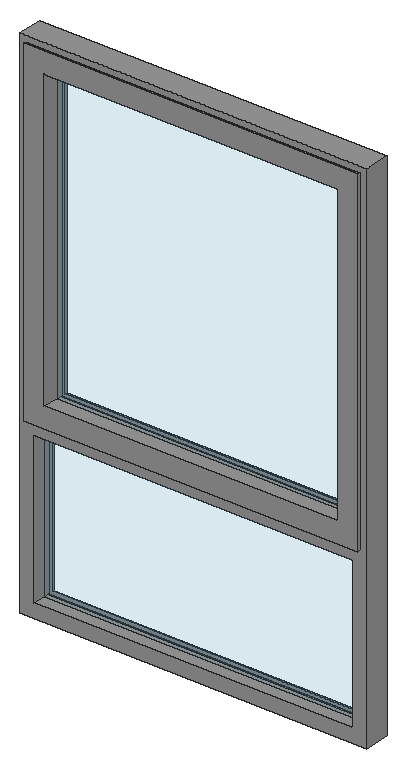
Revit family "Kawneer_Window_GT70s_Pos002", category Windows, host Wall, Revit 2020 (continued)
Definition of nested family "Kawneer_GT70s_Pos002"
  Definition of nested family "Kawneer_GT70s_Jamb2"
    Lines and regions (mm)
      model lines, in view "Ref. Level", detail levels fine
        curve 290: arc (-45.327, -23.558, 0) -> (-45.588, -23.666, 0) -> (-45.48, -23.928, 0) r 0.2
        curve 291: arc (-44.713, -22.077, 0) -> (-44.732, -21.889, 0) -> (-44.898, -21.8, 0) r 0.2
        curve 292: arc (-48.5, -21.8, 0) -> (-48.641, -21.859, 0) -> (-48.7, -22, 0) r 0.2
        curve 293: arc (-47.884, -24.3, 0) -> (-47.684, -24.085, 0) -> (-47.914, -23.902, 0) r 0.2
        curve 294: arc (-49.452, -24.054, 0) -> (-48.869, -24.238, 0) -> (-48.261, -24.3, 0) r 3
        curve 295: arc (-49.452, -24.054, 0) -> (-49.65, -24.013, 0) -> (-49.848, -24.054, 0) r 0.5
        curve 296: arc (-51.379, -23.903, 0) -> (-51.615, -24.081, 0) -> (-51.416, -24.3, 0) r 0.2
        curve 297: arc (-50.6, -22, 0) -> (-50.659, -21.859, 0) -> (-50.8, -21.8, 0) r 0.2
        curve 298: arc (-54.446, -21.805, 0) -> (-54.579, -21.908, 0) -> (-54.587, -22.077, 0) r 0.2
        curve 299: arc (-53.82, -23.928, 0) -> (-53.712, -23.666, 0) -> (-53.973, -23.558, 0) r 0.2
        curve 300: arc (-56, -24.667, 0) -> (-55.85, -24.927, 0) -> (-55.55, -24.927, 0) r 0.3
        curve 301: arc (-56, -10.5, 0) -> (-56.146, -10.146, 0) -> (-56.5, -10, 0) r 0.5
        curve 302: arc (-60.8, -9, 0) -> (-60.507, -9.707, 0) -> (-59.8, -10, 0) r 1
        curve 303: arc (-59.788, -6.22, 0) -> (-60.526, -6.884, 0) -> (-60.8, -7.839, 0) r 1.8
        curve 304: arc (-59.5, -6.4, 0) -> (-59.594, -6.23, 0) -> (-59.788, -6.22, 0) r 0.2
        curve 305: arc (-59.5, -7.8, 0) -> (-59.354, -8.154, 0) -> (-59, -8.3, 0) r 0.5
        curve 306: arc (-56.5, -8.3, 0) -> (-56.146, -8.154, 0) -> (-56, -7.8, 0) r 0.5
        curve 307: arc (-56, 5.7, 0) -> (-56.146, 6.054, 0) -> (-56.5, 6.2, 0) r 0.5
        curve 308: arc (-59, 6.2, 0) -> (-59.354, 6.054, 0) -> (-59.5, 5.7, 0) r 0.5
        curve 309: arc (-59.778, 3.816, 0) -> (-59.589, 3.833, 0) -> (-59.5, 4, 0) r 0.2
        curve 310: arc (-61, 5.658, 0) -> (-60.655, 4.536, 0) -> (-59.739, 3.8, 0) r 2
        curve 311: arc (-60, 8, 0) -> (-60.707, 7.707, 0) -> (-61, 7, 0) r 1
        curve 312: arc (-54.5, -65.451, 0) -> (-54.315, -65.729, 0) -> (-53.988, -65.664, 0) r 0.3
        curve 313: arc (-52.5, -64.9, 0) -> (-52.685, -64.623, 0) -> (-53.012, -64.688, 0) r 0.3
        curve 314: arc (-52.5, -65.6, 0) -> (-52.441, -65.741, 0) -> (-52.3, -65.8, 0) r 0.2
        curve 315: arc (-47.3, -65.8, 0) -> (-47.159, -65.741, 0) -> (-47.1, -65.6, 0) r 0.2
        curve 316: arc (-47.1, -58.6, 0) -> (-47.159, -58.459, 0) -> (-47.3, -58.4, 0) r 0.2
        curve 317: arc (-52.3, -58.4, 0) -> (-52.441, -58.459, 0) -> (-52.5, -58.6, 0) r 0.2
        curve 318: arc (-53.012, -59.512, 0) -> (-52.685, -59.577, 0) -> (-52.5, -59.3, 0) r 0.3
        curve 319: arc (-53.988, -58.536, 0) -> (-54.315, -58.471, 0) -> (-54.5, -58.749, 0) r 0.3
        curve 320: arc (-76, -71.5, 0) -> (-75.854, -71.854, 0) -> (-75.5, -72, 0) r 0.5
        curve 321: arc (-75.5, -68, 0) -> (-75.854, -68.146, 0) -> (-76, -68.5, 0) r 0.5
        curve 322: arc (-73.5, -68.5, 0) -> (-73.646, -68.146, 0) -> (-74, -68, 0) r 0.5
        curve 323: arc (-73.7, -69, 0) -> (-73.559, -68.941, 0) -> (-73.5, -68.8, 0) r 0.2
        curve 324: arc (-74.3, -69, 0) -> (-74.654, -69.146, 0) -> (-74.8, -69.5, 0) r 0.5
        curve 325: arc (-74.8, -70.1, 0) -> (-74.654, -70.454, 0) -> (-74.3, -70.6, 0) r 0.5
        curve 326: arc (-69.7, -70.6, 0) -> (-69.346, -70.454, 0) -> (-69.2, -70.1, 0) r 0.5
        curve 327: arc (-69.2, -69.5, 0) -> (-69.346, -69.146, 0) -> (-69.7, -69, 0) r 0.5
        curve 328: arc (-70.5, -68.8, 0) -> (-70.441, -68.941, 0) -> (-70.3, -69, 0) r 0.2
        curve 329: arc (-70, -68, 0) -> (-70.354, -68.146, 0) -> (-70.5, -68.5, 0) r 0.5
        curve 330: arc (-66.9, -68.8, 0) -> (-66.5, -68.4, 0) -> (-66.9, -68, 0) r 0.4
        curve 331: arc (-67.8, -68.8, 0) -> (-67.941, -68.859, 0) -> (-68, -69, 0) r 0.2
        curve 332: arc (-68, -69.9, 0) -> (-67.854, -70.254, 0) -> (-67.5, -70.4, 0) r 0.5
        curve 333: arc (-56.489, -70.211, 0) -> (-56.143, -70.061, 0) -> (-56, -69.711, 0) r 0.5
        curve 334: arc (-55.55, -53.673, 0) -> (-55.85, -53.673, 0) -> (-56, -53.933, 0) r 0.3
        curve 335: arc (-53.973, -55.042, 0) -> (-53.712, -54.934, 0) -> (-53.82, -54.672, 0) r 0.2
        curve 336: arc (-54.587, -56.523, 0) -> (-54.568, -56.711, 0) -> (-54.402, -56.8, 0) r 0.2
        curve 337: arc (-50.8, -56.8, 0) -> (-50.659, -56.741, 0) -> (-50.6, -56.6, 0) r 0.2
        curve 338: arc (-51.416, -54.3, 0) -> (-51.615, -54.516, 0) -> (-51.384, -54.697, 0) r 0.2
        curve 339: arc (-49.848, -54.546, 0) -> (-50.431, -54.362, 0) -> (-51.039, -54.3, 0) r 3
        curve 340: arc (-49.848, -54.546, 0) -> (-49.65, -54.587, 0) -> (-49.452, -54.546, 0) r 0.5
        curve 341: arc (-48.261, -54.3, 0) -> (-48.869, -54.362, 0) -> (-49.452, -54.546, 0) r 3
        curve 342: arc (-47.914, -54.698, 0) -> (-47.684, -54.515, 0) -> (-47.884, -54.3, 0) r 0.2
        curve 343: arc (-48.7, -56.6, 0) -> (-48.641, -56.741, 0) -> (-48.5, -56.8, 0) r 0.2
        curve 344: arc (-44.898, -56.8, 0) -> (-44.732, -56.711, 0) -> (-44.713, -56.523, 0) r 0.2
        curve 345: arc (-45.48, -54.672, 0) -> (-45.588, -54.934, 0) -> (-45.327, -55.042, 0) r 0.2
        curve 346: arc (-43.3, -53.933, 0) -> (-43.45, -53.673, 0) -> (-43.75, -53.673, 0) r 0.3
        curve 347: arc (-43.3, -57.231, 0) -> (-43.253, -57.36, 0) -> (-43.133, -57.428, 0) r 0.2
        curve 348: arc (-42.1, -57.769, 0) -> (-42.147, -57.64, 0) -> (-42.267, -57.572, 0) r 0.2
        curve 349: arc (-42.3, -58.6, 0) -> (-42.159, -58.541, 0) -> (-42.1, -58.4, 0) r 0.2
        curve 350: arc (-45.1, -58.6, 0) -> (-45.454, -58.746, 0) -> (-45.6, -59.1, 0) r 0.5
        curve 351: arc (-45.6, -65.3, 0) -> (-45.454, -65.654, 0) -> (-45.1, -65.8, 0) r 0.5
        curve 352: arc (-43.2, -66.3, 0) -> (-43.346, -65.946, 0) -> (-43.7, -65.8, 0) r 0.5
        curve 353: arc (-43.7, -67.3, 0) -> (-43.346, -67.154, 0) -> (-43.2, -66.8, 0) r 0.5
        curve 354: arc (-52.5, -67.3, 0) -> (-53.561, -67.739, 0) -> (-54, -68.8, 0) r 1.5
        curve 355: arc (-54, -70.1, 0) -> (-53.87, -70.436, 0) -> (-53.549, -70.598, 0) r 0.5
        curve 356: arc (-51, -71.3, 0) -> (-51.13, -70.964, 0) -> (-51.451, -70.802, 0) r 0.5
        curve 357: arc (-51.5, -72, 0) -> (-51.146, -71.854, 0) -> (-51, -71.5, 0) r 0.5
        curve 358: arc (-43.611, -46.36, 0) -> (-43.124, -46.685, 0) -> (-42.55, -46.799, 0) r 1.5
        curve 359: arc (-38.85, -46.799, 0) -> (-37.789, -46.36, 0) -> (-37.35, -45.299, 0) r 1.5
        curve 360: arc (-37.35, -38.899, 0) -> (-37.643, -38.192, 0) -> (-38.35, -37.899, 0) r 1
        curve 361: arc (-41.92, -37.899, 0) -> (-42.374, -38.008, 0) -> (-42.729, -38.311, 0) r 1
        curve 362: arc (-43.859, -39.866, 0) -> (-44.001, -40.145, 0) -> (-44.05, -40.454, 0) r 1
        curve 363: arc (-44.05, -45.299, 0) -> (-43.936, -45.873, 0) -> (-43.611, -46.36, 0) r 1.5
        curve 364: arc (-43.033, -36.906, 0) -> (-42.708, -37.123, 0) -> (-42.326, -37.199, 0) r 1
        curve 365: arc (-38.35, -37.199, 0) -> (-37.643, -36.906, 0) -> (-37.35, -36.199, 0) r 1
        curve 366: arc (-37.35, -29.799, 0) -> (-37.789, -28.738, 0) -> (-38.85, -28.299, 0) r 1.5
        curve 367: arc (-42.55, -28.299, 0) -> (-43.611, -28.738, 0) -> (-44.05, -29.799, 0) r 1.5
        curve 368: arc (-44.05, -35.475, 0) -> (-43.974, -35.857, 0) -> (-43.757, -36.182, 0) r 1
        curve 369: arc (-42.35, -47.799, 0) -> (-43.057, -48.092, 0) -> (-43.35, -48.799, 0) r 1
        curve 370: arc (-43.85, -52.736, 0) -> (-43.484, -52.37, 0) -> (-43.35, -51.87, 0) r 1
        curve 371: arc (-44.655, -53.201, 0) -> (-45.186, -53.72, 0) -> (-45.403, -54.429, 0) r 1.5
        curve 372: arc (-45.1, -56.8, 0) -> (-44.959, -56.741, 0) -> (-44.9, -56.6, 0) r 0.2
        curve 373: arc (-46.18, -56.35, 0) -> (-46.18, -56.65, 0) -> (-45.921, -56.8, 0) r 0.3
        curve 374: arc (-46.18, -56.35, 0) -> (-46.7, -55.448, 0) -> (-47.22, -56.35, 0) r 0.601
        curve 375: arc (-47.479, -56.8, 0) -> (-47.22, -56.65, 0) -> (-47.22, -56.35, 0) r 0.3
        curve 376: arc (-48.7, -56.6, 0) -> (-48.641, -56.741, 0) -> (-48.5, -56.8, 0) r 0.2
        curve 377: arc (-47.848, -54.574, 0) -> (-47.798, -54.456, 0) -> (-47.781, -54.329, 0) r 0.5
        curve 378: arc (-47.08, -51.936, 0) -> (-47.6, -52.838, 0) -> (-47.781, -53.863, 0) r 2.996
        curve 379: arc (-45.752, -50.353, 0) -> (-45.231, -49.451, 0) -> (-45.05, -48.425, 0) r 3
        curve 380: arc (-45.05, -41.499, 0) -> (-45.196, -41.145, 0) -> (-45.55, -40.999, 0) r 0.5
        curve 381: arc (-53.35, -39.799, 0) -> (-53.95, -40.399, 0) -> (-53.35, -40.999, 0) r 0.6
        curve 382: arc (-45.301, -39.799, 0) -> (-45.074, -39.744, 0) -> (-44.897, -39.593, 0) r 0.5
        curve 383: arc (-44.179, -38.605, 0) -> (-43.976, -37.65, 0) -> (-44.551, -36.86, 0) r 1.2
        curve 384: arc (-45.05, -35.993, 0) -> (-44.917, -36.493, 0) -> (-44.551, -36.86, 0) r 1
        curve 385: arc (-45.05, -30.172, 0) -> (-45.232, -29.147, 0) -> (-45.752, -28.247, 0) r 3
        curve 386: arc (-47.781, -24.737, 0) -> (-47.6, -25.762, 0) -> (-47.08, -26.664, 0) r 2.996
        curve 387: arc (-47.781, -24.271, 0) -> (-47.798, -24.144, 0) -> (-47.848, -24.026, 0) r 0.5
        curve 388: arc (-48.5, -21.8, 0) -> (-48.641, -21.859, 0) -> (-48.7, -22, 0) r 0.2
        curve 389: arc (-47.22, -22.25, 0) -> (-47.22, -21.95, 0) -> (-47.479, -21.8, 0) r 0.3
        curve 390: arc (-47.22, -22.25, 0) -> (-46.7, -23.173, 0) -> (-46.18, -22.25, 0) r 0.608
        curve 391: arc (-45.921, -21.8, 0) -> (-46.18, -21.95, 0) -> (-46.18, -22.25, 0) r 0.3
        curve 392: arc (-44.9, -22, 0) -> (-44.959, -21.859, 0) -> (-45.1, -21.8, 0) r 0.2
        curve 393: arc (-45.403, -24.171, 0) -> (-45.186, -24.88, 0) -> (-44.655, -25.399, 0) r 1.5
        curve 394: arc (-43.355, -26.626, 0) -> (-43.511, -26.186, 0) -> (-43.85, -25.864, 0) r 1
        curve 395: arc (-43.355, -26.626, 0) -> (-43.112, -27.106, 0) -> (-42.609, -27.299, 0) r 0.75
        curve 396: arc (-36.35, -28.799, 0) -> (-36.789, -27.738, 0) -> (-37.85, -27.299, 0) r 1.5
        curve 397: arc (-36.85, -47.799, 0) -> (-36.496, -47.652, 0) -> (-36.35, -47.299, 0) r 0.5
        curve 398: arc (-22.607, -48.184, 0) -> (-22.798, -48.222, 0) -> (-22.961, -48.33, 0) r 0.5
        curve 399: arc (-21.327, -48.784, 0) -> (-21.43, -48.367, 0) -> (-21.817, -48.184, 0) r 0.5
        curve 400: arc (-22.307, -49.584, 0) -> (-21.675, -49.358, 0) -> (-21.327, -48.784, 0) r 1
        curve 401: arc (-23.107, -49.084, 0) -> (-22.961, -49.437, 0) -> (-22.607, -49.584, 0) r 0.5
        curve 402: arc (-22.961, -48.33, 0) -> (-23.069, -48.492, 0) -> (-23.107, -48.684, 0) r 0.5
        curve 403: arc (-22.607, -50.246, 0) -> (-22.961, -50.393, 0) -> (-23.107, -50.746, 0) r 0.5
        curve 404: arc (-21.807, -50.746, 0) -> (-21.953, -50.393, 0) -> (-22.307, -50.246, 0) r 0.5
        curve 405: arc (-22.307, -51.646, 0) -> (-21.953, -51.5, 0) -> (-21.807, -51.146, 0) r 0.5
        curve 406: arc (-23.107, -51.146, 0) -> (-22.961, -51.5, 0) -> (-22.607, -51.646, 0) r 0.5
        curve 407: arc (-23.588, -46.92, 0) -> (-23.041, -47.603, 0) -> (-22.254, -47.219, 0) r 0.7
        curve 408: arc (-23.588, -45.761, 0) -> (-23.665, -45.602, 0) -> (-23.838, -45.567, 0) r 0.2
        curve 409: arc (-23.838, -45.567, 0) -> (-24.375, -45.808, 0) -> (-24.806, -46.209, 0) r 1.8
        curve 410: arc (-24.806, -46.209, 0) -> (-25.085, -46.727, 0) -> (-25.181, -47.308, 0) r 1.8
        curve 411: arc (-27.644, -50.65, 0) -> (-26.086, -50.261, 0) -> (-25.316, -48.853, 0) r 2
        curve 412: arc (-37.578, -48.777, 0) -> (-37.813, -48.798, 0) -> (-37.63, -48.948, 0) r 0.127
        curve 413: arc (-33.754, -49.53, 0) -> (-33.245, -49.321, 0) -> (-33.236, -48.77, 0) r 0.5
        curve 414: arc (-33.236, -48.77, 0) -> (-34.142, -47.922, 0) -> (-35.344, -47.615, 0) r 2.5
        curve 415: arc (-38.373, -47.615, 0) -> (-39.333, -48.336, 0) -> (-38.908, -49.46, 0) r 1
        curve 416: arc (-38.667, -49.627, 0) -> (-34.284, -52.209, 0) -> (-29.573, -54.128, 0) r 35
        curve 417: arc (-23.899, -55.972, 0) -> (-23.72, -55.944, 0) -> (-23.638, -55.782, 0) r 0.2
        curve 418: arc (-22.239, -52.868, 0) -> (-22.961, -52.215, 0) -> (-23.638, -52.915, 0) r 0.7
        curve 419: arc (-19.288, -52.199, 0) -> (-19.178, -52.09, 0) -> (-19.138, -51.94, 0) r 0.3
        curve 420: arc (-19.138, -50.719, 0) -> (-19.54, -50.317, 0) -> (-19.943, -50.719, 0) r 0.403
        curve 421: arc (-20.593, -50.925, 0) -> (-20.268, -51.25, 0) -> (-19.943, -50.925, 0) r 0.325
        curve 422: arc (-20.265, -49.743, 0) -> (-20.503, -49.926, 0) -> (-20.593, -50.212, 0) r 0.5
        curve 423: arc (-20.265, -49.743, 0) -> (-19.551, -49.194, 0) -> (-19.281, -48.334, 0) r 1.5
        curve 424: arc (-19.281, -48.102, 0) -> (-19.319, -47.955, 0) -> (-19.425, -47.845, 0) r 0.3
        curve 425: arc (-21.202, 5.446, 0) -> (-21.266, 5.576, 0) -> (-21.401, 5.629, 0) r 0.2
        curve 426: arc (-22.074, 5.629, 0) -> (-22.209, 5.576, 0) -> (-22.273, 5.446, 0) r 0.2
        curve 427: arc (-22.387, 4.146, 0) -> (-22.335, 3.994, 0) -> (-22.188, 3.929, 0) r 0.2
        curve 428: arc (-21.288, 3.929, 0) -> (-21.14, 3.994, 0) -> (-21.088, 4.146, 0) r 0.2
        curve 429: arc (-19.261, 0.829, 0) -> (-18.715, 1.044, 0) -> (-18.463, 1.575, 0) r 0.8
        curve 430: arc (-18.463, 1.575, 0) -> (-18.445, 2.211, 0) -> (-18.476, 2.846, 0) r 8.2
        curve 431: arc (-18.476, 2.846, 0) -> (-18.54, 2.976, 0) -> (-18.675, 3.029, 0) r 0.2
        curve 432: arc (-22.868, 3.029, 0) -> (-22.966, 2.948, 0) -> (-22.906, 2.836, 0) r 0.1
        curve 433: arc (-22.906, 2.836, 0) -> (-21.612, 2.576, 0) -> (-20.315, 2.816, 0) r 3.48
        curve 434: arc (-19.149, 1.746, 0) -> (-19.385, 2.66, 0) -> (-20.315, 2.816, 0) r 0.866
        curve 435: arc (-19.826, 1.012, 0) -> (-19.409, 1.307, 0) -> (-19.149, 1.746, 0) r 1.222
        curve 436: arc (-23.097, 1.625, 0) -> (-23.58, 1.934, 0) -> (-23.888, 1.451, 0) r 0.405
        curve 437: arc (-23.097, 1.625, 0) -> (-22.78, 1.086, 0) -> (-22.206, 0.838, 0) r 1.009
        curve 438: arc (-22.206, 0.838, 0) -> (-21.941, 0.828, 0) -> (-21.678, 0.85, 0) r 2.275
        curve 439: arc (-21.678, 0.85, 0) -> (-21.419, 0.902, 0) -> (-21.167, 0.983, 0) r 2.275
        curve 440: arc (-21.167, 0.983, 0) -> (-20.479, 1.354, 0) -> (-19.899, 1.88, 0) r 3.222
        curve 441: arc (-19.899, 1.88, 0) -> (-19.892, 2.039, 0) -> (-20.045, 2.086, 0) r 0.13
        curve 442: arc (-25.03, 3.553, 0) -> (-22.787, 1.971, 0) -> (-20.045, 2.086, 0) r 4.258
        curve 443: arc (-24.788, 4.029, 0) -> (-25.055, 3.865, 0) -> (-25.03, 3.553, 0) r 0.3
        curve 444: arc (-23.388, 4.029, 0) -> (-23.246, 4.087, 0) -> (-23.188, 4.229, 0) r 0.2
        curve 445: arc (-23.688, 5.776, 0) -> (-23.784, 5.568, 0) -> (-23.622, 5.406, 0) r 0.2
        curve 446: arc (-19.853, 5.406, 0) -> (-19.691, 5.568, 0) -> (-19.788, 5.776, 0) r 0.2
        curve 447: arc (-20.288, 4.229, 0) -> (-20.229, 4.087, 0) -> (-20.088, 4.029, 0) r 0.2
        curve 448: arc (-17.792, 3.783, 0) -> (-17.895, 3.959, 0) -> (-18.088, 4.029, 0) r 0.3
        curve 449: arc (-17.665, 1.514, 0) -> (-17.658, 2.652, 0) -> (-17.792, 3.783, 0) r 9.161
        curve 450: arc (-19.261, 0.023, 0) -> (-18.169, 0.454, 0) -> (-17.665, 1.514, 0) r 1.6
        curve 451: arc (-23.888, 1.451, 0) -> (-23.259, 0.431, 0) -> (-22.131, 0.023, 0) r 1.819
        curve 452: arc (-34.398, -68.129, 0) -> (-34.45, -67.977, 0) -> (-34.598, -67.912, 0) r 0.2
        curve 453: arc (-35.398, -67.912, 0) -> (-35.545, -67.977, 0) -> (-35.597, -68.129, 0) r 0.2
        curve 454: arc (-35.483, -69.429, 0) -> (-35.419, -69.559, 0) -> (-35.284, -69.612, 0) r 0.2
        curve 455: arc (-36.514, -69.143, 0) -> (-36.837, -69.482, 0) -> (-36.684, -69.924, 0) r 0.45
        curve 456: arc (-36.398, -68.312, 0) -> (-36.485, -68.1, 0) -> (-36.698, -68.012, 0) r 0.3
        curve 457: arc (-39.097, -68.012, 0) -> (-39.317, -68.108, 0) -> (-39.396, -68.336, 0) r 0.3
        curve 458: arc (-40.777, -71.102, 0) -> (-40.224, -71.764, 0) -> (-39.397, -72.012, 0) r 1.5
        curve 459: arc (-40.777, -71.102, 0) -> (-41.565, -70.02, 0) -> (-42.745, -69.388, 0) r 3
        curve 460: arc (-46.451, -67.348, 0) -> (-46.988, -67.757, 0) -> (-46.628, -68.329, 0) r 0.5
        curve 461: arc (-41.433, -67.81, 0) -> (-41.069, -67.698, 0) -> (-40.89, -67.362, 0) r 0.5
        curve 462: arc (-39.397, -66.012, 0) -> (-40.404, -66.399, 0) -> (-40.89, -67.362, 0) r 1.5
        curve 463: arc (-30.898, -67.512, 0) -> (-31.337, -66.451, 0) -> (-32.398, -66.012, 0) r 1.5
        curve 464: arc (-33.298, -68.012, 0) -> (-33.51, -68.1, 0) -> (-33.598, -68.312, 0) r 0.3
        curve 465: arc (-75.5, 8, 0) -> (-75.854, 7.854, 0) -> (-76, 7.5, 0) r 0.5
        curve 466: arc (-76, -31.4, 0) -> (-75.854, -31.754, 0) -> (-75.5, -31.9, 0) r 0.5
        curve 467: arc (-74.2, -31.9, 0) -> (-73.846, -31.754, 0) -> (-73.7, -31.4, 0) r 0.5
        curve 468: arc (-73.7, -30.9, 0) -> (-73.846, -30.546, 0) -> (-74.2, -30.4, 0) r 0.5
        curve 469: arc (-74.8, -29.9, 0) -> (-74.654, -30.254, 0) -> (-74.3, -30.4, 0) r 0.5
        curve 470: arc (-74.3, -6.2, 0) -> (-74.654, -6.346, 0) -> (-74.8, -6.7, 0) r 0.5
        curve 471: arc (-58.709, -6.541, 0) -> (-58.665, -6.323, 0) -> (-58.85, -6.2, 0) r 0.2
        curve 472: arc (-59.45, -7.6, 0) -> (-59.391, -7.741, 0) -> (-59.25, -7.8, 0) r 0.2
        curve 473: arc (-58.784, -7.8, 0) -> (-58.655, -7.783, 0) -> (-58.534, -7.733, 0) r 0.5
        curve 474: arc (-56.903, -6.792, 0) -> (-56.481, -5.772, 0) -> (-57.356, -5.1, 0) r 0.906
        curve 475: arc (-74.744, -4.082, 0) -> (-74.458, -4.801, 0) -> (-73.744, -5.1, 0) r 1
        curve 476: arc (-73.078, 6.5, 0) -> (-74.11, 6.089, 0) -> (-74.576, 5.08, 0) r 1.5
        curve 477: arc (-64.5, 6.25, 0) -> (-64.683, 6.433, 0) -> (-64.933, 6.5, 0) r 0.5
        curve 478: arc (-62.97, 3.6, 0) -> (-62.238, 2.868, 0) -> (-61.238, 2.6, 0) r 2
        curve 479: arc (-58.559, 2.6, 0) -> (-58.097, 2.909, 0) -> (-58.205, 3.454, 0) r 0.5
        curve 480: arc (-58.764, 4.012, 0) -> (-58.976, 4.1, 0) -> (-59.188, 4.012, 0) r 0.3
        curve 481: arc (-59.566, 3.8, 0) -> (-59.413, 3.83, 0) -> (-59.283, 3.917, 0) r 0.4
        curve 482: arc (-61.989, 4.3, 0) -> (-61.623, 3.934, 0) -> (-61.123, 3.8, 0) r 1
        curve 483: arc (-62.566, 6.8, 0) -> (-62.999, 6.55, 0) -> (-62.999, 6.05, 0) r 0.5
        curve 484: arc (-61.4, 6.8, 0) -> (-61.259, 6.859, 0) -> (-61.2, 7, 0) r 0.2
        curve 485: arc (-61.2, 7.5, 0) -> (-61.346, 7.854, 0) -> (-61.7, 8, 0) r 0.5
        curve 486: arc (-73.594, -69.1, 0) -> (-73.441, -69.029, 0) -> (-73.397, -68.865, 0) r 0.2
        curve 487: arc (-73.75, -69.1, 0) -> (-73.928, -69.208, 0) -> (-73.914, -69.415, 0) r 0.2
        curve 488: arc (-73.494, -70.015, 0) -> (-73.422, -70.077, 0) -> (-73.33, -70.1, 0) r 0.2
        curve 489: arc (-72.765, -70.1, 0) -> (-72.665, -70.073, 0) -> (-72.592, -70, 0) r 0.2
        curve 490: arc (-71.827, -69.274, 0) -> (-72, -69.174, 0) -> (-72.173, -69.274, 0) r 0.2
        curve 491: arc (-71.408, -70, 0) -> (-71.335, -70.073, 0) -> (-71.235, -70.1, 0) r 0.2
        curve 492: arc (-70.67, -70.1, 0) -> (-70.578, -70.077, 0) -> (-70.506, -70.015, 0) r 0.2
        curve 493: arc (-70.086, -69.415, 0) -> (-70.073, -69.207, 0) -> (-70.25, -69.1, 0) r 0.2
        curve 494: arc (-70.603, -68.865, 0) -> (-70.559, -69.029, 0) -> (-70.406, -69.1, 0) r 0.2
        curve 495: arc (-68.41, -68, 0) -> (-68.275, -67.947, 0) -> (-68.211, -67.817, 0) r 0.2
        curve 496: arc (-67.835, -65.217, 0) -> (-67.886, -65.065, 0) -> (-68.034, -65, 0) r 0.2
        curve 497: arc (-69.747, -65, 0) -> (-69.868, -65.041, 0) -> (-69.94, -65.148, 0) r 0.2
        curve 498: arc (-70.295, -65.9, 0) -> (-70.173, -65.859, 0) -> (-70.101, -65.752, 0) r 0.2
        curve 499: arc (-73.899, -65.752, 0) -> (-73.827, -65.858, 0) -> (-73.706, -65.9, 0) r 0.2
        curve 500: arc (-74.06, -65.148, 0) -> (-74.132, -65.041, 0) -> (-74.253, -65, 0) r 0.2
        curve 501: arc (-75.966, -65, 0) -> (-76.114, -65.065, 0) -> (-76.165, -65.217, 0) r 0.2
        curve 502: arc (-75.789, -67.817, 0) -> (-75.725, -67.947, 0) -> (-75.59, -68, 0) r 0.2
        curve 503: line (-45.478, -41.299, 0) -> (-53.35, -41.299, 0)
        curve 504: line (-53.35, -39.499, 0) -> (-45.478, -39.499, 0)
        curve 505: line (-53.416, -37.3, 0) -> (-45.75, -37.3, 0)
        curve 506: line (-45.75, -39.1, 0) -> (-53.416, -39.1, 0)
        curve 507: line (-56.498, -51.169, 0) -> (-60.498, -51.169, 0)
        curve 508: line (-60.498, -51.169, 0) -> (-64.498, -51.169, 0)
        curve 509: line (-64.498, -51.169, 0) -> (-64.498, -49.169, 0)
        curve 510: line (-64.498, -49.169, 0) -> (-60.498, -49.169, 0)
        curve 511: line (-60.498, -49.169, 0) -> (-56.498, -49.169, 0)
        curve 512: line (-56, -67.669, 0) -> (-64.498, -67.669, 0)
        curve 513: line (-64.498, -67.669, 0) -> (-64.498, -62.669, 0)
        curve 514: line (-64.498, -62.669, 0) -> (-60.498, -62.669, 0)
        curve 515: line (-60.498, -62.669, 0) -> (-56.498, -62.669, 0)
        curve 516: line (-55.998, -63.169, 0) -> (-55.998, -69.723, 0)
        curve 517: line (-55.998, -69.723, 0) -> (-59.998, -69.723, 0)
        curve 518: line (-59.998, -69.723, 0) -> (-59.998, -67.669, 0)
        curve 519: line (-60.998, -51.669, 0) -> (-60.998, -62.169, 0)
        curve 520: line (-55.998, -49.669, 0) -> (-55.998, -50.669, 0)
        curve 521: line (-63.498, -62.669, 0) -> (-63.498, -51.169, 0)
        curve 522: line (-63.498, -49.169, 0) -> (-63.498, -14.169, 0)
        curve 523: line (-60.998, -48.669, 0) -> (-60.998, -14.669, 0)
        curve 524: line (-58.998, -12.169, 0) -> (-64.498, -12.169, 0)
        curve 525: line (-64.498, -12.169, 0) -> (-64.498, -14.169, 0)
        curve 526: line (-64.498, -14.169, 0) -> (-60.498, -14.169, 0)
        curve 527: line (-60.498, -14.169, 0) -> (-56.498, -14.169, 0)
        curve 528: line (-58.498, -10.169, 0) -> (-58.498, -11.669, 0)
        curve 529: line (-55.998, -13.669, 0) -> (-55.998, -10.169, 0)
        curve 530: line (-56.498, -9.669, 0) -> (-57.998, -9.669, 0)
        curve 531: line (-64.498, -66.669, 0) -> (-66.998, -66.669, 0)
        curve 532: line (-66.998, -66.669, 0) -> (-63.498, -15.169, 0)
        curve 533: line (-63.498, -15.169, 0) -> (-66.998, -15.169, 0)
        curve 534: line (-66.998, -66.669, 0) -> (-66.998, -15.169, 0)
        curve 535: line (-66.998, -15.169, 0) -> (-64.178, -62.669, 0)
        curve 536: line (-73.861, -35.939, 0) -> (-73.658, -35.658, 0)
        curve 537: line (-71.391, -35.567, 0) -> (-70.751, -36.314, 0)
        curve 538: line (-70.751, -36.314, 0) -> (-68.986, -34.661, 0)
        curve 539: line (-69.288, -37.005, 0) -> (-67.5, -37.005, 0)
        curve 540: line (-77.083, -35.212, 0) -> (-75.332, -36.947, 0)
        curve 541: line (-75.332, -36.947, 0) -> (-70.758, -32.12, 0)
        curve 542: line (-70.758, -32.12, 0) -> (-72.663, -31.366, 0)
        curve 543: line (-72.918, -31.492, 0) -> (-72.973, -31.825, 0)
        curve 544: line (-73.17, -32.005, 0) -> (-75.332, -32.005, 0)
        curve 545: line (-76.127, -31.048, 0) -> (-76, -29.677, 0)
        curve 546: line (-76.027, -35.212, 0) -> (-77.785, -35.212, 0)
        curve 547: line (-79.375, -37.005, 0) -> (-75.846, -37.005, 0)
        curve 548: line (-8.5, -1.4, 0) -> (-12, -1.4, 0)
        curve 549: line (-12, -1.4, 0) -> (-15.5, -1.4, 0)
        curve 550: line (-15.9, -1.8, 0) -> (-17, -1.8, 0)
        curve 551: line (-17.2, -2, 0) -> (-17.2, -3.013, 0)
        curve 552: line (-17.6, -3.413, 0) -> (-17.6, -9.306, 0)
        curve 553: line (-17.6, -9.306, 0) -> (-17.6, -15.2, 0)
        curve 554: line (-17.2, -15.6, 0) -> (-17.2, -16.5, 0)
        curve 555: line (-17, -16.7, 0) -> (-16.273, -16.7, 0)
        curve 556: line (-15.927, -16.9, 0) -> (-12, -16.9, 0)
        curve 557: line (-12, -16.9, 0) -> (-8.073, -16.9, 0)
        curve 558: line (-7.727, -16.7, 0) -> (-7, -16.7, 0)
        curve 559: line (-6.8, -16.5, 0) -> (-6.8, -15.6, 0)
        curve 560: line (-6.4, -15.2, 0) -> (-6.4, -9.306, 0)
        curve 561: line (-6.4, -9.306, 0) -> (-6.4, -3.413, 0)
        curve 562: line (-6.8, -3.013, 0) -> (-6.8, -2, 0)
        curve 563: line (-7, -1.8, 0) -> (-8.1, -1.8, 0)
        curve 564: line (-23.5, 0, 0) -> (-0.5, 0, 0)
        curve 565: line (0, -0.5, 0) -> (0, -2.342, 0)
        curve 566: line (-1.5, -4, 0) -> (-1.5, -2.3, 0)
        curve 567: line (-2, -1.8, 0) -> (-4.5, -1.8, 0)
        curve 568: line (-5, -2.3, 0) -> (-5, -15.8, 0)
        curve 569: line (-4.5, -16.3, 0) -> (-2, -16.3, 0)
        curve 570: line (-1.5, -15.8, 0) -> (-1.5, -14.4, 0)
        curve 571: line (-0.2, -15.839, 0) -> (-0.2, -18.6, 0)
        curve 572: line (-1.5, -19.4, 0) -> (-1.5, -18.2, 0)
        curve 573: line (-1.7, -18, 0) -> (-4.3, -18, 0)
        curve 574: line (-5, -18.7, 0) -> (-5, -21.367, 0)
        curve 575: line (-7.027, -20.258, 0) -> (-6.413, -18.777, 0)
        curve 576: line (-6.598, -18.5, 0) -> (-10.2, -18.5, 0)
        curve 577: line (-10.2, -18.5, 0) -> (-9.179, -18.5, 0)
        curve 578: line (-10.4, -18.7, 0) -> (-10.4, -19.24, 0)
        curve 579: line (-10.4, -19.24, 0) -> (-9.614, -20.602, 0)
        curve 580: line (-9.614, -20.602, 0) -> (-10.4, -19.25, 0)
        curve 581: line (-10.4, -19.25, 0) -> (-10.4, -18.7, 0)
        curve 582: line (-9.481, -21.437, 0) -> (-9.584, -21, 0)
        curve 583: line (-9.584, -21, 0) -> (-9.961, -21, 0)
        curve 584: line (-14.039, -21, 0) -> (-14.416, -21, 0)
        curve 585: line (-14.416, -21, 0) -> (-14.519, -21.437, 0)
        curve 586: line (-14.386, -20.602, 0) -> (-13.6, -19.24, 0)
        curve 587: line (-13.6, -19.24, 0) -> (-13.6, -18.7, 0)
        curve 588: line (-13.6, -18.7, 0) -> (-13.6, -19.25, 0)
        curve 589: line (-13.6, -19.25, 0) -> (-14.452, -20.726, 0)
        curve 590: line (-14.821, -18.5, 0) -> (-13.8, -18.5, 0)
        curve 591: line (-13.8, -18.5, 0) -> (-17.402, -18.5, 0)
        curve 592: line (-17.587, -18.777, 0) -> (-16.973, -20.258, 0)
        curve 593: line (-17.4, -18.7, 0) -> (-17.4, -19.581, 0)
        curve 594: line (-17.4, -19.581, 0) -> (-16.82, -20.628, 0)
        curve 595: line (-16.82, -20.628, 0) -> (-17.921, -21.264, 0)
        curve 596: line (-17.921, -21.264, 0) -> (-18.55, -21.627, 0)
        curve 597: line (-19, -21.367, 0) -> (-19, -18.7, 0)
        curve 598: line (-19.7, -18, 0) -> (-22.3, -18, 0)
        curve 599: line (-22.5, -18.2, 0) -> (-22.5, -19.4, 0)
        curve 600: line (-23.8, -18.6, 0) -> (-23.8, -15.839, 0)
        curve 601: line (-22.5, -14.4, 0) -> (-22.5, -15.8, 0)
        curve 602: line (-22, -16.3, 0) -> (-19.5, -16.3, 0)
        curve 603: line (-19, -15.8, 0) -> (-19, -2.3, 0)
        curve 604: line (-19.5, -1.8, 0) -> (-22, -1.8, 0)
        curve 605: line (-22.5, -2.3, 0) -> (-22.5, -4, 0)
        curve 606: line (-24, -2.342, 0) -> (-24, -0.5, 0)
        curve 607: line (-6.95, -35.5, 0) -> (-15.25, -35.5, 0)
        curve 608: line (-15.25, -34.3, 0) -> (-6.964, -34.3, 0)
        curve 609: line (-7.395, -25.015, 0) -> (-8.779, -23.365, 0)
        curve 610: line (-7.621, -18.5, 0) -> (-6.8, -18.5, 0)
        curve 611: line (-6.6, -18.7, 0) -> (-6.6, -19.581, 0)
        curve 612: line (-6.6, -19.581, 0) -> (-7.081, -20.742, 0)
        curve 613: line (-7.081, -20.742, 0) -> (-6.079, -21.264, 0)
        curve 614: line (-6.079, -21.264, 0) -> (-5.45, -21.627, 0)
        curve 615: line (-6.355, -22.099, 0) -> (-5.55, -22.564, 0)
        curve 616: line (-5.05, -23.43, 0) -> (-5.05, -48.57, 0)
        curve 617: line (-5.55, -49.436, 0) -> (-6.355, -49.901, 0)
        curve 618: line (-5.45, -50.373, 0) -> (-6.079, -50.736, 0)
        curve 619: line (-6.079, -50.736, 0) -> (-7.081, -51.258, 0)
        curve 620: line (-7.081, -51.258, 0) -> (-6.6, -52.419, 0)
        curve 621: line (-6.6, -52.419, 0) -> (-6.6, -53.3, 0)
        curve 622: line (-6.8, -53.5, 0) -> (-7.621, -53.5, 0)
        curve 623: line (-9.179, -53.5, 0) -> (-10.2, -53.5, 0)
        curve 624: line (-10.2, -53.5, 0) -> (-6.598, -53.5, 0)
        curve 625: line (-10.4, -53.3, 0) -> (-10.4, -52.76, 0)
        curve 626: line (-10.4, -52.75, 0) -> (-9.548, -51.274, 0)
        curve 627: line (-9.548, -51.274, 0) -> (-10.4, -52.76, 0)
        curve 628: line (-10.4, -52.76, 0) -> (-10.4, -53.3, 0)
        curve 629: line (-9.961, -51, 0) -> (-9.481, -51.024, 0)
        curve 630: line (-9.481, -51.024, 0) -> (-9.481, -50.566, 0)
        curve 631: line (-8.78, -48.636, 0) -> (-7.395, -46.986, 0)
        curve 632: line (-17.05, -36.5, 0) -> (-8.15, -36.5, 0)
        curve 633: line (-8.15, -37.7, 0) -> (-17.036, -37.7, 0)
        curve 634: line (-16.605, -46.985, 0) -> (-15.221, -48.635, 0)
        curve 635: line (-14.519, -50.563, 0) -> (-14.519, -51.024, 0)
        curve 636: line (-14.519, -51.024, 0) -> (-14.039, -51, 0)
        curve 637: line (-14.452, -51.274, 0) -> (-13.6, -52.75, 0)
        curve 638: line (-13.6, -52.75, 0) -> (-13.6, -53.3, 0)
        curve 639: line (-13.6, -53.3, 0) -> (-13.6, -52.76, 0)
        curve 640: line (-13.6, -52.76, 0) -> (-14.386, -51.398, 0)
        curve 641: line (-17.402, -53.5, 0) -> (-13.8, -53.5, 0)
        curve 642: line (-13.8, -53.5, 0) -> (-14.821, -53.5, 0)
        curve 643: line (-16.379, -53.5, 0) -> (-17.2, -53.5, 0)
        curve 644: line (-17.645, -49.901, 0) -> (-18.45, -49.436, 0)
        curve 645: line (-18.95, -48.57, 0) -> (-18.95, -46.5, 0)
        curve 646: line (-19.45, -46, 0) -> (-22.15, -46, 0)
        curve 647: line (-22.45, -46.3, 0) -> (-22.45, -46.9, 0)
        curve 648: line (-23.588, -45.761, 0) -> (-23.45, -46.9, 0)
        curve 649: line (-23.45, -46.9, 0) -> (-23.45, -43.9, 0)
        curve 650: line (-22.45, -43.9, 0) -> (-22.45, -44.5, 0)
        curve 651: line (-22.15, -44.8, 0) -> (-19.45, -44.8, 0)
        curve 652: line (-18.95, -44.3, 0) -> (-18.95, -23.43, 0)
        curve 653: line (-18.45, -22.564, 0) -> (-17.645, -22.099, 0)
        curve 654: line (-17.2, -18.5, 0) -> (-16.379, -18.5, 0)
        curve 655: line (-15.22, -23.364, 0) -> (-16.605, -25.014, 0)
        curve 656: line (-15.5, -70.6, 0) -> (-8.5, -70.6, 0)
        curve 657: line (-8.1, -70.2, 0) -> (-7, -70.2, 0)
        curve 658: line (-6.8, -70, 0) -> (-6.8, -68.9, 0)
        curve 659: line (-6.4, -68.5, 0) -> (-6.4, -57, 0)
        curve 660: line (-6.8, -56.6, 0) -> (-6.8, -55.5, 0)
        curve 661: line (-7, -55.3, 0) -> (-8.1, -55.3, 0)
        curve 662: line (-8.446, -55.1, 0) -> (-15.554, -55.1, 0)
        curve 663: line (-15.9, -55.3, 0) -> (-17, -55.3, 0)
        curve 664: line (-17.2, -55.5, 0) -> (-17.2, -56.6, 0)
        curve 665: line (-17.6, -57, 0) -> (-17.6, -68.5, 0)
        curve 666: line (-17.2, -68.9, 0) -> (-17.2, -70, 0)
        curve 667: line (-17, -70.2, 0) -> (-15.9, -70.2, 0)
        curve 668: line (-0.5, -72, 0) -> (-38.5, -72, 0)
        curve 669: line (-39, -71.5, 0) -> (-39, -68.5, 0)
        curve 670: line (-36.39, -66.012, 0) -> (-38.5, -68, 0)
        curve 671: line (-38.5, -68, 0) -> (-37, -68, 0)
        curve 672: line (-36.5, -68.5, 0) -> (-36.5, -68.8, 0)
        curve 673: line (-36.7, -69, 0) -> (-37.3, -69, 0)
        curve 674: line (-37.8, -69.5, 0) -> (-37.8, -70.1, 0)
        curve 675: line (-37.3, -70.6, 0) -> (-32.7, -70.6, 0)
        curve 676: line (-32.2, -70.1, 0) -> (-32.2, -69.5, 0)
        curve 677: line (-32.7, -69, 0) -> (-33.3, -69, 0)
        curve 678: line (-33.5, -68.8, 0) -> (-33.5, -68.5, 0)
        curve 679: line (-35.14, -66.012, 0) -> (-33, -68, 0)
        curve 680: line (-33, -68, 0) -> (-29.9, -68, 0)
        curve 681: line (-29.9, -68.8, 0) -> (-30.8, -68.8, 0)
        curve 682: line (-31, -69, 0) -> (-31, -69.9, 0)
        curve 683: line (-30.5, -70.4, 0) -> (-28, -70.4, 0)
        curve 684: line (-28, -70.4, 0) -> (-19.489, -70.211, 0)
        curve 685: line (-19, -69.711, 0) -> (-19, -56.2, 0)
        curve 686: line (-19.5, -55.7, 0) -> (-22.3, -55.7, 0)
        curve 687: line (-22.5, -55.9, 0) -> (-22.5, -57.094, 0)
        curve 688: line (-23.5, -56.494, 0) -> (-23.5, -53.3, 0)
        curve 689: line (-23.5, -53.3, 0) -> (-25.824, -55.346, 0)
        curve 690: line (-22.5, -53.3, 0) -> (-22.5, -53.9, 0)
        curve 691: line (-22.2, -54.2, 0) -> (-19.7, -54.2, 0)
        curve 692: line (-18.55, -50.373, 0) -> (-17.921, -50.736, 0)
        curve 693: line (-17.921, -50.736, 0) -> (-16.82, -51.372, 0)
        curve 694: line (-16.82, -51.372, 0) -> (-17.4, -52.419, 0)
        curve 695: line (-17.4, -52.419, 0) -> (-17.4, -53.3, 0)
        curve 696: line (-16.973, -51.742, 0) -> (-17.587, -53.223, 0)
        curve 697: line (-6.413, -53.223, 0) -> (-7.027, -51.742, 0)
        curve 698: line (-5, -50.633, 0) -> (-5, -53.3, 0)
        curve 699: line (-4.3, -54, 0) -> (-1.7, -54, 0)
        curve 700: line (-1.5, -53.8, 0) -> (-1.5, -52.6, 0)
        curve 701: line (-0.2, -53.4, 0) -> (-0.2, -56.161, 0)
        curve 702: line (-1.5, -57.6, 0) -> (-1.5, -56.2, 0)
        curve 703: line (-2, -55.7, 0) -> (-4.5, -55.7, 0)
        curve 704: line (-5, -56.2, 0) -> (-5, -69.7, 0)
        curve 705: line (-4.5, -70.2, 0) -> (-2, -70.2, 0)
        curve 706: line (-1.5, -69.7, 0) -> (-1.5, -68, 0)
        curve 707: line (0, -69.658, 0) -> (0, -71.5, 0)
        curve 708: line (-55.95, -51.875, 0) -> (-55.95, -26.735, 0)
        curve 709: line (-55.45, -25.869, 0) -> (-54.645, -25.404, 0)
        curve 710: line (-55.55, -24.927, 0) -> (-53.919, -24.047, 0)
        curve 711: line (-53.919, -24.047, 0) -> (-54.4, -22.886, 0)
        curve 712: line (-54.4, -22.886, 0) -> (-54.4, -22.005, 0)
        curve 713: line (-54.2, -21.805, 0) -> (-53.379, -21.805, 0)
        curve 714: line (-51.821, -21.805, 0) -> (-50.8, -21.805, 0)
        curve 715: line (-50.8, -21.805, 0) -> (-54.446, -21.805, 0)
        curve 716: line (-50.6, -22.005, 0) -> (-50.6, -22.54, 0)
        curve 717: line (-50.6, -22.555, 0) -> (-51.452, -24.031, 0)
        curve 718: line (-51.452, -24.031, 0) -> (-50.6, -22.54, 0)
        curve 719: line (-50.6, -22.54, 0) -> (-50.6, -22.005, 0)
        curve 720: line (-52.221, -26.67, 0) -> (-53.605, -28.32, 0)
        curve 721: line (-54.036, -37.605, 0) -> (-45.75, -37.605, 0)
        curve 722: line (-45.75, -38.805, 0) -> (-54.05, -38.805, 0)
        curve 723: line (-53.605, -50.291, 0) -> (-52.22, -51.941, 0)
        curve 724: line (-51.519, -53.867, 0) -> (-51.519, -54.329, 0)
        curve 725: line (-51.519, -54.329, 0) -> (-51.039, -54.3, 0)
        curve 726: line (-51.452, -54.579, 0) -> (-50.6, -56.055, 0)
        curve 727: line (-50.6, -56.055, 0) -> (-50.6, -56.605, 0)
        curve 728: line (-50.6, -56.605, 0) -> (-50.6, -56.06, 0)
        curve 729: line (-50.6, -56.06, 0) -> (-51.386, -54.698, 0)
        curve 730: line (-54.402, -56.8, 0) -> (-50.8, -56.8, 0)
        curve 731: line (-50.8, -56.8, 0) -> (-51.821, -56.805, 0)
        curve 732: line (-53.379, -56.805, 0) -> (-54.2, -56.805, 0)
        curve 733: line (-54.4, -56.605, 0) -> (-54.4, -55.724, 0)
        curve 734: line (-54.4, -55.724, 0) -> (-53.919, -54.563, 0)
        curve 735: line (-53.919, -54.563, 0) -> (-55.55, -53.673, 0)
        curve 736: line (-54.645, -53.206, 0) -> (-55.45, -52.741, 0)
        curve 737: line (-41.8, -19.8, 0) -> (-41.8, 6.3, 0)
        curve 738: line (-42, 6.5, 0) -> (-54, 6.5, 0)
        curve 739: line (-54.2, 6.3, 0) -> (-54.2, 5.187, 0)
        curve 740: line (-54.2, 5.187, 0) -> (-54.35, 4.994, 0)
        curve 741: line (-54.5, 4.8, 0) -> (-54.5, -18.313, 0)
        curve 742: line (-54.2, -18.7, 0) -> (-54.2, -19.8, 0)
        curve 743: line (-54, -20, 0) -> (-52.873, -20, 0)
        curve 744: line (-52.527, -20.2, 0) -> (-43.973, -20.2, 0)
        curve 745: line (-43.627, -20, 0) -> (-42, -20, 0)
        curve 746: line (-60, 8, 0) -> (-20, 8, 0)
        curve 747: line (-18, 6, 0) -> (-18, 4.5, 0)
        curve 748: line (-18.5, 4, 0) -> (-19.9, 4, 0)
        curve 749: line (-20.4, 4.5, 0) -> (-20.4, 4.8, 0)
        curve 750: line (-21.886, 6.529, 0) -> (-20.2, 5, 0)
        curve 751: line (-20.2, 5, 0) -> (-19.7, 5, 0)
        curve 752: line (-19.2, 5.5, 0) -> (-19.2, 6.1, 0)
        curve 753: line (-19.7, 6.6, 0) -> (-23.8, 6.6, 0)
        curve 754: line (-24.3, 6.1, 0) -> (-24.3, 5.5, 0)
        curve 755: line (-23.8, 5, 0) -> (-23.5, 5, 0)
        curve 756: line (-23.3, 4.8, 0) -> (-23.3, 4.5, 0)
        curve 757: line (-23.8, 4, 0) -> (-24.6, 4, 0)
        curve 758: line (-25.1, 4.5, 0) -> (-25.1, 5.7, 0)
        curve 759: line (-25.6, 6.2, 0) -> (-38.5, 6.2, 0)
        curve 760: line (-40, 4.7, 0) -> (-40, 2.5, 0)
        curve 761: line (-39.5, 2, 0) -> (-36, 2, 0)
        curve 762: line (-35.5, 1.5, 0) -> (-35.5, -2, 0)
        curve 763: line (-36, -2.5, 0) -> (-36.5, -2.5, 0)
        curve 764: line (-37, -2, 0) -> (-37, -0.5, 0)
        curve 765: line (-37.5, 0, 0) -> (-39.207, 0, 0)
        curve 766: line (-40, -0.793, 0) -> (-40, -19.207, 0)
        curve 767: line (-39.207, -20, 0) -> (-37.5, -20, 0)
        curve 768: line (-37, -19.5, 0) -> (-37, -18, 0)
        curve 769: line (-36.5, -17.5, 0) -> (-36, -17.5, 0)
        curve 770: line (-35.5, -18, 0) -> (-35.5, -21.5, 0)
        curve 771: line (-36, -22, 0) -> (-41.654, -22, 0)
        curve 772: line (-42, -21.8, 0) -> (-42.8, -21.8, 0)
        curve 773: line (-43.3, -22.3, 0) -> (-43.3, -24.667, 0)
        curve 774: line (-45.327, -23.558, 0) -> (-44.713, -22.077, 0)
        curve 775: line (-44.898, -21.8, 0) -> (-48.5, -21.8, 0)
        curve 776: line (-48.5, -21.8, 0) -> (-47.479, -21.8, 0)
        curve 777: line (-48.7, -22, 0) -> (-48.7, -22.54, 0)
        curve 778: line (-48.7, -22.54, 0) -> (-47.914, -23.902, 0)
        curve 779: line (-47.914, -23.902, 0) -> (-48.7, -22.55, 0)
        curve 780: line (-48.7, -22.55, 0) -> (-48.7, -22, 0)
        curve 781: line (-47.781, -24.737, 0) -> (-47.884, -24.3, 0)
        curve 782: line (-47.884, -24.3, 0) -> (-48.261, -24.3, 0)
        curve 783: line (-49.848, -24.054, 0) -> (-51.039, -24.3, 0)
        curve 784: line (-51.039, -24.3, 0) -> (-51.416, -24.3, 0)
        curve 785: line (-51.416, -24.3, 0) -> (-51.519, -24.742, 0)
        curve 786: line (-54.587, -22.077, 0) -> (-53.973, -23.558, 0)
        curve 787: line (-56, -24.667, 0) -> (-56, -10.5, 0)
        curve 788: line (-56.5, -10, 0) -> (-59.8, -10, 0)
        curve 789: line (-60.8, -9, 0) -> (-60.8, -7.839, 0)
        curve 790: line (-59.5, -6.4, 0) -> (-59.5, -7.8, 0)
        curve 791: line (-59, -8.3, 0) -> (-56.5, -8.3, 0)
        curve 792: line (-56, -7.8, 0) -> (-56, 5.7, 0)
        curve 793: line (-56.5, 6.2, 0) -> (-59, 6.2, 0)
        curve 794: line (-59.5, 5.7, 0) -> (-59.5, 4, 0)
        curve 795: line (-61, 5.658, 0) -> (-61, 7, 0)
        curve 796: line (-54.5, -58.749, 0) -> (-54.5, -65.451, 0)
        curve 797: line (-53.988, -65.664, 0) -> (-53.012, -64.688, 0)
        curve 798: line (-52.5, -64.9, 0) -> (-52.5, -65.6, 0)
        curve 799: line (-52.3, -65.8, 0) -> (-47.3, -65.8, 0)
        curve 800: line (-47.1, -65.6, 0) -> (-47.1, -58.6, 0)
        curve 801: line (-47.3, -58.4, 0) -> (-52.3, -58.4, 0)
        curve 802: line (-52.5, -58.6, 0) -> (-52.5, -59.3, 0)
        curve 803: line (-53.012, -59.512, 0) -> (-53.988, -58.536, 0)
        curve 804: line (-51.5, -72, 0) -> (-75.5, -72, 0)
        curve 805: line (-76, -71.5, 0) -> (-76, -68.5, 0)
        curve 806: line (-72.384, -69.639, 0) -> (-73.5, -68.5, 0)
        curve 807: line (-73.5, -68.5, 0) -> (-73.5, -68.8, 0)
        curve 808: line (-73.5, -68.8, 0) -> (-73.55, -68, 0)
        curve 809: line (-73.55, -68, 0) -> (-75.5, -68, 0)
        curve 810: line (-75.5, -68, 0) -> (-74, -68, 0)
        curve 811: line (-74, -68, 0) -> (-76.057, -65.967, 0)
        curve 812: line (-73.7, -69, 0) -> (-74.3, -69, 0)
        curve 813: line (-74.8, -69.5, 0) -> (-74.8, -70.1, 0)
        curve 814: line (-74.3, -70.6, 0) -> (-69.7, -70.6, 0)
        curve 815: line (-69.2, -70.1, 0) -> (-69.2, -69.5, 0)
        curve 816: line (-69.7, -69, 0) -> (-70.3, -69, 0)
        curve 817: line (-68.41, -68, 0) -> (-70.45, -68, 0)
        curve 818: line (-70.45, -68, 0) -> (-70.5, -68.8, 0)
        curve 819: line (-70.5, -68.8, 0) -> (-70.5, -68.5, 0)
        curve 820: line (-70.5, -68.5, 0) -> (-71.616, -69.639, 0)
        curve 821: line (-67.943, -65.967, 0) -> (-70, -68, 0)
        curve 822: line (-70, -68, 0) -> (-66.9, -68, 0)
        curve 823: line (-66.9, -68.8, 0) -> (-67.8, -68.8, 0)
        curve 824: line (-68, -69, 0) -> (-68, -69.9, 0)
        curve 825: line (-67.5, -70.4, 0) -> (-65, -70.4, 0)
        curve 826: line (-65, -70.4, 0) -> (-56.489, -70.211, 0)
        curve 827: line (-56, -69.711, 0) -> (-56, -53.933, 0)
        curve 828: line (-53.973, -55.042, 0) -> (-54.587, -56.523, 0)
        curve 829: line (-48.261, -54.3, 0) -> (-47.884, -54.3, 0)
        curve 830: line (-47.884, -54.3, 0) -> (-47.781, -53.863, 0)
        curve 831: line (-47.914, -54.698, 0) -> (-48.7, -56.06, 0)
        curve 832: line (-48.7, -56.06, 0) -> (-48.7, -56.6, 0)
        curve 833: line (-48.7, -56.6, 0) -> (-48.7, -56.06, 0)
        curve 834: line (-48.7, -56.05, 0) -> (-47.848, -54.574, 0)
        curve 835: line (-47.479, -56.8, 0) -> (-48.5, -56.8, 0)
        curve 836: line (-48.5, -56.8, 0) -> (-44.898, -56.8, 0)
        curve 837: line (-44.713, -56.523, 0) -> (-45.327, -55.042, 0)
        curve 838: line (-44.9, -56.6, 0) -> (-44.9, -55.719, 0)
        curve 839: line (-44.9, -55.719, 0) -> (-45.48, -54.672, 0)
        curve 840: line (-45.48, -54.672, 0) -> (-43.75, -53.673, 0)
        curve 841: line (-43.3, -53.933, 0) -> (-43.3, -57.231, 0)
        curve 842: line (-43.133, -57.428, 0) -> (-42.267, -57.572, 0)
        curve 843: line (-42.1, -57.769, 0) -> (-42.1, -58.4, 0)
        curve 844: line (-42.3, -58.6, 0) -> (-45.1, -58.6, 0)
        curve 845: line (-45.6, -59.1, 0) -> (-45.6, -65.3, 0)
        curve 846: line (-45.1, -65.8, 0) -> (-43.7, -65.8, 0)
        curve 847: line (-43.2, -66.3, 0) -> (-43.2, -66.8, 0)
        curve 848: line (-43.7, -67.3, 0) -> (-52.5, -67.3, 0)
        curve 849: line (-54, -68.8, 0) -> (-54, -70.1, 0)
        curve 850: line (-53.549, -70.598, 0) -> (-51.451, -70.802, 0)
        curve 851: line (-51, -71.3, 0) -> (-51, -71.5, 0)
        curve 852: line (-42.55, -46.799, 0) -> (-38.85, -46.799, 0)
        curve 853: line (-37.35, -45.299, 0) -> (-37.35, -38.899, 0)
        curve 854: line (-38.35, -37.899, 0) -> (-41.92, -37.899, 0)
        curve 855: line (-42.729, -38.311, 0) -> (-43.859, -39.866, 0)
        curve 856: line (-44.05, -40.454, 0) -> (-44.05, -45.299, 0)
        curve 857: line (-43.757, -36.182, 0) -> (-43.033, -36.906, 0)
        curve 858: line (-42.326, -37.199, 0) -> (-38.35, -37.199, 0)
        curve 859: line (-37.35, -36.199, 0) -> (-37.35, -29.799, 0)
        curve 860: line (-38.85, -28.299, 0) -> (-42.55, -28.299, 0)
        curve 861: line (-44.05, -29.799, 0) -> (-44.05, -35.475, 0)
        curve 862: line (-36.85, -47.799, 0) -> (-42.35, -47.799, 0)
        curve 863: line (-43.35, -48.799, 0) -> (-43.35, -51.87, 0)
        curve 864: line (-43.85, -52.736, 0) -> (-44.655, -53.201, 0)
        curve 865: line (-45.1, -56.8, 0) -> (-45.921, -56.8, 0)
        curve 866: line (-47.08, -51.936, 0) -> (-45.752, -50.353, 0)
        curve 867: line (-45.05, -48.425, 0) -> (-45.05, -41.499, 0)
        curve 868: line (-45.55, -40.999, 0) -> (-53.35, -40.999, 0)
        curve 869: line (-53.35, -39.799, 0) -> (-45.301, -39.799, 0)
        curve 870: line (-44.897, -39.593, 0) -> (-44.179, -38.605, 0)
        curve 871: line (-45.05, -35.993, 0) -> (-45.05, -30.172, 0)
        curve 872: line (-45.752, -28.247, 0) -> (-47.08, -26.664, 0)
        curve 873: line (-45.921, -21.8, 0) -> (-45.1, -21.8, 0)
        curve 874: line (-44.9, -22, 0) -> (-44.9, -22.881, 0)
        curve 875: line (-44.9, -22.881, 0) -> (-45.381, -24.042, 0)
        curve 876: line (-45.381, -24.042, 0) -> (-43.75, -24.927, 0)
        curve 877: line (-44.655, -25.399, 0) -> (-43.85, -25.864, 0)
        curve 878: line (-42.609, -27.299, 0) -> (-37.85, -27.299, 0)
        curve 879: line (-36.35, -28.799, 0) -> (-36.35, -47.299, 0)
        curve 880: line (-19.636, -49.304, 0) -> (-22.025, -46.916, 0)
        curve 881: line (-19.138, -50.719, 0) -> (-19.138, -51.924, 0)
        curve 882: line (-19.138, -51.924, 0) -> (-19.982, -51.08, 0)
        curve 883: line (-19.982, -51.08, 0) -> (-19.943, -50.719, 0)
        curve 884: line (-20.586, -50.476, 0) -> (-21.691, -49.371, 0)
        curve 885: line (-22.869, -48.193, 0) -> (-24.78, -46.282, 0)
        curve 886: line (-20.378, -52.806, 0) -> (-21.845, -51.338, 0)
        curve 887: line (-21.845, -51.338, 0) -> (-20.581, -50.103, 0)
        curve 888: line (-20.581, -50.103, 0) -> (-20.593, -50.925, 0)
        curve 889: line (-22.865, -50.318, 0) -> (-23.593, -49.59, 0)
        curve 890: line (-23.593, -49.59, 0) -> (-25.237, -47.947, 0)
        curve 891: line (-19, -53.5, 0) -> (-19.138, -50.781, 0)
        curve 892: line (-19.138, -50.781, 0) -> (-21.897, -53.408, 0)
        curve 893: line (-21.897, -53.408, 0) -> (-22.078, -53.227, 0)
        curve 894: line (-23.076, -52.229, 0) -> (-25.595, -49.71, 0)
        curve 895: line (-23.645, -53.78, 0) -> (-26.811, -50.615, 0)
        curve 896: line (-23.638, -52.915, 0) -> (-23.665, -55.883, 0)
        curve 897: line (-23.665, -55.883, 0) -> (-29.16, -50.388, 0)
        curve 898: line (-26.562, -55.107, 0) -> (-31.715, -49.953, 0)
        curve 899: line (-23.899, -55.972, 0) -> (-29.704, -54.085, 0)
        curve 900: line (-29.704, -54.085, 0) -> (-34.271, -49.519, 0)
        curve 901: line (-34.271, -49.519, 0) -> (-36.175, -47.615, 0)
        curve 902: line (-33.179, -52.732, 0) -> (-36.827, -49.084, 0)
        curve 903: line (-37.025, -48.886, 0) -> (-38.297, -47.615, 0)
        curve 904: line (-38.297, -47.615, 0) -> (-35.344, -47.615, 0)
        curve 905: line (-35.077, -47.629, 0) -> (-36.576, -49.127, 0)
        curve 906: line (-36.576, -49.127, 0) -> (-37.87, -50.162, 0)
        curve 907: line (-37.87, -50.162, 0) -> (-39.372, -48.661, 0)
        curve 908: line (-38.667, -49.627, 0) -> (-38.98, -49.41, 0)
        curve 909: line (-38.98, -49.41, 0) -> (-37.184, -47.615, 0)
        curve 910: line (-36.398, -51.071, 0) -> (-34.762, -49.435, 0)
        curve 911: line (-34.762, -49.435, 0) -> (-33.626, -48.299, 0)
        curve 912: line (-35.033, -51.827, 0) -> (-32.949, -49.743, 0)
        curve 913: line (-33.616, -52.531, 0) -> (-31.136, -50.052, 0)
        curve 914: line (-32.144, -53.18, 0) -> (-29.323, -50.36, 0)
        curve 915: line (-30.614, -53.772, 0) -> (-27.51, -50.668, 0)
        curve 916: line (-27.51, -50.668, 0) -> (-37.63, -48.948, 0)
        curve 917: line (-25.28, -48.438, 0) -> (-24.343, -47.501, 0)
        curve 918: line (-24.343, -47.501, 0) -> (-23.588, -46.746, 0)
        curve 919: line (-29.026, -54.306, 0) -> (-23.783, -49.062, 0)
        curve 920: line (-23.783, -49.062, 0) -> (-22.784, -48.063, 0)
        curve 921: line (-22.784, -48.063, 0) -> (-21.381, -46.661, 0)
        curve 922: line (-27.425, -54.826, 0) -> (-23.223, -50.623, 0)
        curve 923: line (-23.223, -50.623, 0) -> (-22.174, -49.575, 0)
        curve 924: line (-22.174, -49.575, 0) -> (-22.607, -49.584, 0)
        curve 925: line (-21.318, -48.719, 0) -> (-20.06, -47.461, 0)
        curve 926: line (-22.725, -52.248, 0) -> (-22.057, -51.579, 0)
        curve 927: line (-20.192, -49.714, 0) -> (-19.401, -48.923, 0)
        curve 928: line (-24.223, -55.867, 0) -> (-23.659, -55.303, 0)
        curve 929: line (-22.607, -48.184, 0) -> (-21.817, -48.184, 0)
        curve 930: line (-23.107, -49.084, 0) -> (-23.107, -48.684, 0)
        curve 931: line (-23.107, -51.146, 0) -> (-23.107, -50.746, 0)
        curve 932: line (-22.607, -50.246, 0) -> (-22.307, -50.246, 0)
        curve 933: line (-21.807, -50.746, 0) -> (-21.807, -51.146, 0)
        curve 934: line (-22.307, -51.646, 0) -> (-22.607, -51.646, 0)
        curve 935: line (-19.425, -47.845, 0) -> (-21.605, -46.525, 0)
        curve 936: line (-21.605, -46.525, 0) -> (-21.927, -46.525, 0)
        curve 937: line (-21.927, -46.525, 0) -> (-22.254, -47.219, 0)
        curve 938: line (-25.181, -47.308, 0) -> (-25.316, -48.853, 0)
        curve 939: line (-37.578, -48.777, 0) -> (-33.754, -49.53, 0)
        curve 940: line (-22.239, -52.868, 0) -> (-21.996, -53.408, 0)
        curve 941: line (-21.996, -53.408, 0) -> (-21.461, -53.408, 0)
        curve 942: line (-21.461, -53.408, 0) -> (-19.288, -52.199, 0)
        curve 943: line (-19.281, -48.334, 0) -> (-19.281, -48.102, 0)
        curve 944: line (-17.645, 2.287, 0) -> (-19.386, 4.029, 0)
        curve 945: line (-18.053, 0.574, 0) -> (-18.624, 1.145, 0)
        curve 946: line (-20.508, 3.029, 0) -> (-20.842, 3.363, 0)
        curve 947: line (-20.842, 3.363, 0) -> (-21.408, 3.929, 0)
        curve 948: line (-21.408, 3.929, 0) -> (-22.224, 3.029, 0)
        curve 949: line (-22.325, 4.847, 0) -> (-23.413, 5.934, 0)
        curve 950: line (-19.6, 0, 0) -> (-20.483, 0.883, 0)
        curve 951: line (-20.483, 0.883, 0) -> (-20.77, 1.17, 0)
        curve 952: line (-19.17, 1.691, 0) -> (-20.315, 2.816, 0)
        curve 953: line (-20.315, 2.816, 0) -> (-21.401, 1.801, 0)
        curve 954: line (-21.401, 1.801, 0) -> (-22.238, 2.638, 0)
        curve 955: line (-22.629, 3.029, 0) -> (-23.629, 4.029, 0)
        curve 956: line (-21.721, 0, 0) -> (-23.638, 1.916, 0)
        curve 957: line (-24.46, 2.914, 0) -> (-23.339, 4.035, 0)
        curve 958: line (-23.339, 4.035, 0) -> (-22.306, 5.068, 0)
        curve 959: line (-21.745, 5.629, 0) -> (-20.935, 6.438, 0)
        curve 960: line (-23.871, 1.381, 0) -> (-23.339, 1.913, 0)
        curve 961: line (-23.155, 2.097, 0) -> (-22.542, 2.71, 0)
        curve 962: line (-21.202, 5.446, 0) -> (-21.088, 4.146, 0)
        curve 963: line (-21.025, 4.228, 0) -> (-20.288, 4.965, 0)
        curve 964: line (-20.288, 4.229, 0) -> (-20.288, 5.329, 0)
        curve 965: line (-20.288, 5.329, 0) -> (-19.845, 5.407, 0)
        curve 966: line (-19.845, 5.407, 0) -> (-19.692, 5.56, 0)
        curve 967: line (-22.919, 0.212, 0) -> (-22.283, 0.848, 0)
        curve 968: line (-20.102, 3.029, 0) -> (-19.102, 4.029, 0)
        curve 969: line (-21.01, 0, 0) -> (-20.117, 0.893, 0)
        curve 970: line (-20.117, 0.893, 0) -> (-19.113, 1.896, 0)
        curve 971: line (-18.455, 2.555, 0) -> (-17.717, 3.293, 0)
        curve 972: line (-18.796, 0.093, 0) -> (-17.731, 1.158, 0)
        curve 973: line (-21.401, 5.629, 0) -> (-22.074, 5.629, 0)
        curve 974: line (-22.273, 5.446, 0) -> (-22.387, 4.146, 0)
        curve 975: line (-22.188, 3.929, 0) -> (-21.288, 3.929, 0)
        curve 976: line (-19.77, 0.829, 0) -> (-19.261, 0.829, 0)
        curve 977: line (-18.675, 3.029, 0) -> (-22.868, 3.029, 0)
        curve 978: line (-24.788, 4.029, 0) -> (-23.388, 4.029, 0)
        curve 979: line (-23.188, 4.229, 0) -> (-23.188, 5.329, 0)
        curve 980: line (-23.188, 5.329, 0) -> (-23.622, 5.406, 0)
        curve 981: line (-23.688, 5.776, 0) -> (-22.383, 6.529, 0)
        curve 982: line (-22.383, 6.529, 0) -> (-21.092, 6.529, 0)
        curve 983: line (-21.092, 6.529, 0) -> (-19.788, 5.776, 0)
        curve 984: line (-20.088, 4.029, 0) -> (-18.088, 4.029, 0)
        curve 985: line (-19.261, 0.023, 0) -> (-22.131, 0.023, 0)
        curve 986: line (-30.898, -67.512, 0) -> (-31.019, -68.012, 0)
        curve 987: line (-31.019, -68.012, 0) -> (-33.019, -66.012, 0)
        curve 988: line (-33.328, -69.945, 0) -> (-33.915, -69.358, 0)
